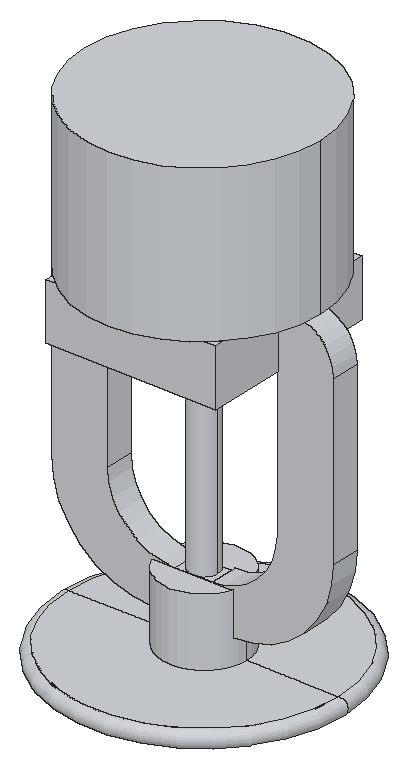
Revit family
Parameters (values of type "RASCO F1FR-300 PENDENT")
  Temperature Rating = 200 °F
  Response = 1
  RASCO SIN # = "R5612"
  RASCO Part # = "F1FRP2LW3"
  Pressure Rating = "300 PSI"
  Pressure Class = 1
  Orifice Size = 17/32"
  Orifice = (empty or 0)
  Model = "F1FR-300"
  Manufacturer = "RASCO"
  K-Factor = 8
  Description = "White Finish"
  Coverage = (empty or 0)
Reference planes (in)
  plane 1 "Center (Front/Back)": y = 0
  plane 2: z = 0
  plane 3 "Center (Left/Right)": x = 0
Dimensions and locks (in)
  aligned and locked: plane 2 to level
Nested families (in)
  nested 1: "F1FRP2LW3" at (-0.01148, 0, 2.4375) x (-1, 0, 0) z (0, 0, -1), type "RASCO F1FR-300 PENDENT"
Connectors (in)
  piping at (-0.01148, 0, 2.4375)
    settings: on nested 1, index 1, connector radius 1/2", flow factor 0, pipe flow 0 GPM, pressure drop 0.00 psi, fitting loss kfactor 0, connector angle 0.00°, fixture units 0, flow configuration 0, flow direction 0, fitting loss method 0, system type 7, connector reference index -1, connector utility 0, adjustable connector no, is connector primary yes, fitting loss table "", connector description ""
Definition of nested family "F1FRP2LW3"
  Parameters (values of type "RASCO F1FR-300 PENDENT")
    Type Comments = ""
    Temperature Rating = 0 °F
    Response = (empty or 0)
    Pressure Rating = "0"
    Pressure Class = (empty or 0)
    Orifice Size = 0"
    Orifice = (empty or 0)
    Model = ""
    Manufacturer = ""
    K-Factor = 0
    Description = ""
    Coverage = (empty or 0)
    Assembly Code = ""
  Reference planes (in)
    plane 1 "Center (Front/Back)": y = 0
    plane 2: z = 0
    plane 3 "ref.2": z = 0.6875
    plane 4 "ref.3": z = 0.9375
    plane 5: x = -0.38065
    plane 6: x = 0.36935
    plane 7 "ref. side 1": y = 0.06402
    plane 8 "ref. side 2": y = -0.06098
    plane 9 "ref.4": z = 1.875
    plane 10 "ref.5": z = 2.3125
    plane 11 "ref.6": z = 2.4375
  Forms (in)
    Extrusion 1, solid
      sketch origin (0, 0, 0) x (1, 0, 0) y (0, 1, 0)
        loop
          circle (0, 0) r 0.5221
      from 0 to 0.6875
    Extrusion 2, solid
      sketch origin (-0.12185, 0.05177, 0.6875) x (1, 0, 0) y (0, 1, 0)
        loop
          line (-0.2588, 0.356) -> (-0.2588, -0.4565) -> (0.4912, -0.4565) -> (0.4912, 0.356) -> (-0.2588, 0.356)
      from 0 to 0.25
    Extrusion 3, solid
      sketch origin (0, 0, 0) x (1, 0, 0) y (0, 0, 1)
        loop
          line (-0.38065, 0.69674) -> (-0.38065, 1.58397)
          arc (-0.38065, 1.58397) -> (-0.29541, 1.78976) -> (-0.08962, 1.875) r 0.29103
          line (-0.08962, 1.875) -> (0.07524, 1.875)
          arc (0.07524, 1.875) -> (0.28321, 1.78886) -> (0.36935, 1.58089) r 0.29411
          line (0.36935, 1.58089) -> (0.36935, 0.69728)
          arc (0.36935, 0.69728) -> (0.54046, 0.72329) -> (0.61935, 0.87734) r 0.18984
          line (0.61935, 0.87734) -> (0.61935, 1.61676)
          arc (0.61935, 1.61676) -> (0.48879, 1.93194) -> (0.17361, 2.0625) r 0.44574
          line (0.17361, 2.0625) -> (-0.18509, 2.0625)
          arc (-0.18509, 2.0625) -> (-0.50015, 1.932) -> (-0.63065, 1.61694) r 0.44556
          line (-0.63065, 1.61694) -> (-0.63065, 0.87876)
          arc (-0.63065, 0.87876) -> (-0.55196, 0.72414) -> (-0.38065, 0.69674) r 0.19126
      from -0.06402 to 0.06098
    Extrusion 4, solid
      sketch origin (0, 0, 0.9375) x (-1, 0, 0) y (0, -1, 0)
        loop
          circle (0.00574, -0.00152) r 0.0625
      from 0 to 0.9375
    Extrusion 5, solid
      sketch origin (0, 0, 1.875) x (-1, 0, 0) y (0, -1, 0)
        loop
          circle (0.00574, -0.00152) r 0.1875
      from 0 to 0.4375
    Revolve 6, solid
      sketch origin (0, 0, -0.2777) x (1, 0, 0) y (0, 0, 1)
        loop
          line (-0.19324, 2.45257) -> (-0.19324, 2.52696) -> (-0.60418, 2.52696)
          arc (-0.60418, 2.52696) -> (-0.64138, 2.48977) -> (-0.60418, 2.45257) r 0.0372
          line (-0.60418, 2.45257) -> (-0.19324, 2.45257)
        axis (-0.00574, 2.45257) -> (-0.00574, 2.52696)
      angle from 0 to 360
  Cuts and joins
    joined: Extrusion 1, Extrusion 2, Extrusion 4, Revolve 6
  Lines and regions (in)
    model lines
      curve 1: line (-0.00574, 0.06402, 1.875) -> (-0.00574, -0.06098, 1.875)
  Dimensions and locks (in)
    Extrusion 3 to Extrusion 3 = 0' - 1 1/4"
    Extrusion 5 to cut or joined group of Extrusion 1, Extrusion 2, Extrusion 4, Revolve 6 = 0' - 2 5/16"
